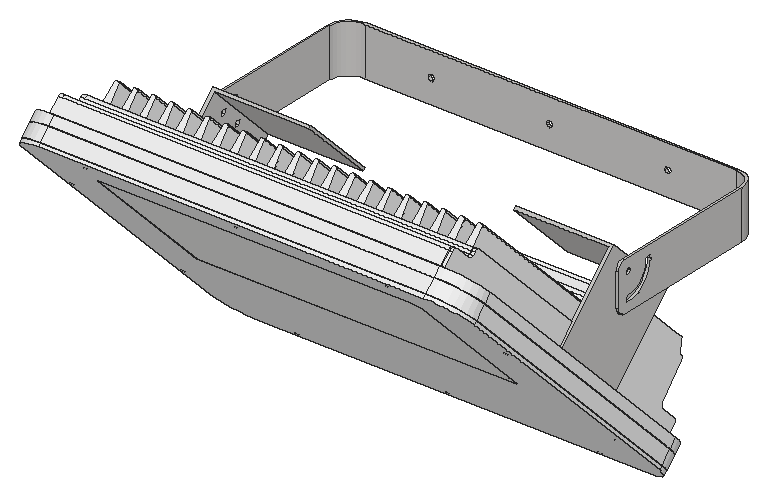
Revit family "FT ATEX LED MAX_2021", category Luminarias, Revit 2021 (continued)
Types (12, lengths in mm): name | Wattage | Power | Position | Archivo de red fotométrica | built-in parameter 1150142 | Modules | Lumens | built-in parameter 1150105 | built-in parameter 1150106 | Equiv MH
    797.56\t2900.16\r\n3003.9\t3111.06\t3229.905\t3352.17\t3492.105\t3648.285\t3843.795\t4077.495\t4369.905\t4718.46\r\n5109.195\t5528.43\t5947.95\t6384.57\t6797.535\t7106.475\t7194.825\t6975.375\t6385.71\t5385.645\r\n4099.155\t2859.69\t1977.615\t1386.81\t1036.26\t782.895\t0\t0\t0\t0\r\n0\t0\t0\t0\t0\t0\t0\t0\t0\t0\r\n0\t0\t0\t0\t0\t0\t0\t0\t0\t0\r\n0\t0\t0\t0\t0\t0\t0\t0\t0\t0\r\n0\t0\t0\t0\t0\t0\t0\t0\t0\t0\r\n0\r\n2121.255\t2122.68\t2132.085\t2142.915\t2163.72\t2179.68\t2200.77\t2216.16\t2234.115\t2252.07\r\n2271.735\t2295.39\t2324.745\t2371.2\t2429.055\t2507.715\t2596.065\t2690.685\t2785.59\t2885.625\r\n2988.795\t3099.945\t3221.925\t3346.755\t3484.41\t3638.88\t3829.545\t4060.395\t4348.815\t4687.68\r\n5080.41\t5503.35\t5926.005\t6355.785\t6772.74\t7058.88\t7140.96\t6928.92\t6351.795\t5372.535\r\n4116.255\t2897.025\t2009.25\t1426.14\t1047.66\t786.885\t0\t0\t0\t0\r\n0\t0\t0\t0\t0\t0\t0\t0\t0\t0\r\n0\t0\t0\t0\t0\t0\t0\t0\t0\t0\r\n0\t0\t0\t0\t0\t0\t0\t0\t0\t0\r\n0\t0\t0\t0\t0\t0\t0\t0\t0\t0\r\n0\r\n2122.68\t2120.685\t2131.515\t2138.07\t2162.01\t2176.26\t2198.205\t2212.17\t2228.7\t2250.645\r\n2264.61\t2291.97\t2315.91\t2364.075\t2420.79\t2496.315\t2584.665\t2674.155\t2773.62\t2870.805\r\n2973.405\t3089.115\t3213.66\t3341.34\t3476.715\t3629.76\t3815.295\t4043.58\t4327.44\t4657.185\r\n5051.34\t5478.27\t5904.06\t6326.715\t6748.23\t7011.57\t7086.81\t6882.465\t6318.165\t5359.425\r\n4133.07\t2934.075\t2040.885\t1465.47\t1059.06\t790.59\t0\t0\t0\t0\r\n0\t0\t0\t0\t0\t0\t0\t0\t0\t0\r\n0\t0\t0\t0\t0\t0\t0\t0\t0\t0\r\n0\t0\t0\t0\t0\t0\t0\t0\t0\t0\r\n0\t0\t0\t0\t0\t0\t0\t0\t0\t0\r\n0\r\n2123.25\t2120.685\t2128.665\t2137.5\t2158.305\t2176.83\t2193.645\t2210.745\t2224.995\t2243.52\r\n2260.905\t2283.135\t2311.065\t2355.24\t2415.375\t2492.325\t2581.815\t2673.585\t2768.775\t2867.955\r\n2969.7\t3081.99\t3203.115\t3330.51\t3463.605\t3610.95\t3793.92\t4016.22\t4300.08\t4638.09\r\n5036.52\t5464.59\t5894.37\t6327.285\t6739.68\t7005.87\t7070.85\t6861.375\t6292.8\t5346.315\r\n4156.44\t3006.18\t2138.07\t1516.2\t1068.465\t797.715\t0\t0\t0\t0\r\n0\t0\t0\t0\t0\t0\t0\t0\t0\t0\r\n0\t0\t0\t0\t0\t0\t0\t0\t0\t0\r\n0\t0\t0\t0\t0\t0\t0\t0\t0\t0\r\n0\t0\t0\t0\t0\t0\t0\t0\t0\t0\r\n0\r\n2123.82\t2120.685\t2126.1\t2136.93\t2154.315\t2177.4\t2189.37\t2209.035\t2221.005\t2236.395\r\n2257.2\t2274.585\t2306.22\t2346.69\t2409.96\t2488.62\t2579.25\t2673.015\t2763.645\t2865.39\r\n2965.71\t3074.865\t3192.855\t3319.68\t3450.495\t3592.425\t3772.83\t3988.86\t4272.72\t4618.995\r\n5021.985\t5450.91\t5884.68\t6327.855\t6730.845\t7000.455\t7055.175\t6840\t6267.72\t5333.205\r\n4180.095\t3078.285\t2235.255\t1566.93\t1077.87\t804.84\t0\t0\t0\t0\r\n0\t0\t0\t0\t0\t0\t0\t0\t0\t0\r\n0\t0\t0\t0\t0\t0\t0\t0\t0\t0\r\n0\t0\t0\t0\t0\t0\t0\t0\t0\t0\r\n0\t0\t0\t0\t0\t0\t0\t0\t0\t0\r\n0\r\n2134.365\t2130.945\t2137.5\t2148.33\t2168.565\t2188.23\t2203.05\t2220.435\t2234.685\t2252.07\r\n2268.03\t2283.135\t2321.61\t2367.495\t2433.9\t2515.98\t2609.745\t2699.235\t2795.28\t2895.885\r\n3003.33\t3121.89\t3239.88\t3368.13\t3504.645\t3658.545\t3845.22\t4080.63\t4374.465\t4733.565\r\n5151.375\t5571.18\t6038.58\t6489.45\t6896.145\t7142.385\t7170.315\t6927.495\t6305.625\t5296.44\r\n4063.245\t2931.225\t2120.685\t1491.12\t1052.22\t801.99\t0\t0\t0\t0\r\n0\t0\t0\t0\t0\t0\t0\t0\t0\t0\r\n0\t0\t0\t0\t0\t0\t0\t0\t0\t0\r\n0\t0\t0\t0\t0\t0\t0\t0\t0\t0\r\n0\t0\t0\t0\t0\t0\t0\t0\t0\t0\r\n0\r\n2144.625\t2141.205\t2148.9\t2160.015\t2182.815\t2199.06\t2216.73\t2231.835\t2248.365\t2268.03\r\n2278.86\t2291.97\t2336.715\t2388.015\t2458.125\t2543.055\t2640.24\t2725.455\t2827.2\t2926.38\r\n3040.95\t3168.915\t3286.905\t3416.865\t3558.795\t3724.665\t3917.895\t4172.4\t4475.925\t4848.135\r\n5280.765\t5691.165\t6192.48\t6651.045\t7061.73\t7284.315\t7285.455\t7014.705\t6343.245\t5259.96\r\n3946.395\t2784.45\t2005.83\t1415.31\t1026.57\t799.425\t0\t0\t0\t0\r\n0\t0\t0\t0\t0\t0\t0\t0\t0\t0\r\n0\t0\t0\t0\t0\t0\t0\t0\t0\t0\r\n0\t0\t0\t0\t0\t0\t0\t0\t0\t0\r\n0\t0\t0\t0\t0\t0\t0\t0\t0\t0\r\n0\r\n2137.5\t2135.22\t2139.78\t2152.32\t2170.845\t2189.37\t2204.76\t2221.005\t2236.965\t2254.92\r\n2269.17\t2284.845\t2322.465\t2372.34\t2443.875\t2529.945\t2626.275\t2718.33\t2816.655\t2918.685\r\n3028.98\t3150.39\t3268.665\t3392.07\t3535.14\t3697.875\t3889.11\t4133.64\t4436.025\t4803.96\r\n5228.325\t5654.115\t6127.5\t6601.455\t7012.425\t7258.095\t7279.47\t7018.41\t6362.91\t5287.32\r\n3982.875\t2821.5\t2014.665\t1395.645\t1007.19\t776.34\t0\t0\t0\t0\r\n0\t0\t0\t0\t0\t0\t0\t0\t0\t0\r\n0\t0\t0\t0\t0\t0\t0\t0\t0\t0\r\n0\t0\t0\t0\t0\t0\t0\t0\t0\t0\r\n0\t0\t0\t0\t0\t0\t0\t0\t0\t0\r\n0\r\n2130.375\t2129.235\t2130.375\t2144.625\t2158.875\t2179.68\t2192.505\t2210.175\t2225.28\t2241.81\r\n2259.195\t2277.72\t2308.5\t2356.38\t2429.625\t2516.835\t2612.025\t2711.205\t2806.395\t2911.275\r\n3017.01\t3131.865\t3250.71\t3367.56\t3511.77\t3671.085\t3860.04\t4094.88\t4396.125\t4759.785\r\n5175.885\t5617.065\t6062.52\t6551.865\t6963.405\t7231.875\t7273.485\t7022.4\t6382.575\t5314.68\r\n4019.355\t2858.835\t2023.5\t1375.98\t988.095\t753.54\t0\t0\t0\t0\r\n0\t0\t0\t0\t0\t0\t0\t0\t0\t0\r\n0\t0\t0\t0\t0\t0\t0\t0\t0\t0\r\n0\t0\t0\t0\t0\t0\t0\t0\t0\t0\r\n0\t0\t0\t0\t0\t0\t0\t0\t0\t0\r\n0\r\n2127.24\t2123.82\t2126.67\t2137.5\t2153.46\t2171.415\t2187.09\t2203.05\t2216.73\t2234.115\r\n2248.365\t2268.6\t2298.525\t2347.26\t2420.22\t2504.865\t2603.19\t2700.945\t2799.27\t2902.44\r\n3005.61\t3119.61\t3233.895\t3358.44\t3498.09\t3656.835\t3844.65\t4082.34\t4371.045\t4723.305\r\n5135.985\t5567.76\t6014.07\t6491.16\t6912.105\t7205.37\t7272.915\t7055.745\t6430.455\t5378.52\r\n4066.38\t2846.295\t1969.35\t1356.315\t986.67\t750.69\t0\t0\t0\t0\r\n0\t0\t0\t0\t0\t0\t0\t0\t0\t0\r\n0\t0\t0\t0\t0\t0\t0\t0\t0\t0\r\n0\t0\t0\t0\t0\t0\t0\t0\t0\t0\r\n0\t0\t0\t0\t0\t0\t0\t0\t0\t0\r\n0\r\n2123.82\t2118.405\t2122.68\t2130.375\t2147.76\t2163.15\t2181.675\t2195.925\t2207.895\t2226.42\r\n2237.535\t2259.195\t2288.835\t2337.855\t2411.1\t2492.895\t2594.355\t2690.685\t2792.145\t2893.605\r\n2994.21\t3107.64\t3216.795\t3349.035\t3484.41\t3642.87\t3829.545\t4069.8\t4345.965\t4686.54\r\n5096.085\t5518.74\t5965.335\t6430.455\t6860.805\t7178.58\t7272.345\t7089.09\t6478.62\t5442.36\r\n4113.405\t2833.755\t1915.2\t1336.65\t984.96\t748.125\t0\t0\t0\t0\r\n0\t0\t0\t0\t0\t0\t0\t0\t0\t0\r\n0\t0\t0\t0\t0\t0\t0\t0\t0\t0\r\n0\t0\t0\t0\t0\t0\t0\t0\t0\t0\r\n0\t0\t0\t0\t0\t0\t0\t0\t0\t0\r\n0\r\n2121.255\t2116.695\t2120.115\t2128.095\t2144.625\t2159.445\t2177.97\t2190.51\t2201.91\t2219.295\r\n2232.405\t2254.35\t2283.135\t2334.15\t2405.115\t2488.62\t2587.515\t2686.125\t2788.725\t2888.19\r\n2989.65\t3101.655\t3214.8\t3343.05\t3477.285\t3635.745\t3816.435\t4045.575\t4323.165\t4656.615\r\n5061.315\t5486.535\t5922.87\t6376.02\t6810.93\t7141.815\t7248.975\t7085.1\t6492.87\t5444.925\r\n4101.435\t2805.825\t1897.815\t1333.8\t988.665\t754.965\t0\t0\t0\t0\r\n0\t0\t0\t0\t0\t0\t0\t0\t0\t0\r\n0\t0\t0\t0\t0\t0\t0\t0\t0\t0\r\n0\t0\t0\t0\t0\t0\t0\t0\t0\t0\r\n0\t0\t0\t0\t0\t0\t0\t0\t0\t0\r\n0\r\n2118.405\t2114.985\t2117.265\t2126.1\t2141.205\t2155.455\t2173.98\t2185.095\t2195.925\t2212.17\r\n2227.56\t2249.505\t2277.72\t2330.16\t2399.13\t2484.06\t2580.39\t2681.85\t2785.59\t2882.775\r\n2985.375\t3095.67\t3212.52\t3337.065\t3470.16\t3628.62\t3803.325\t4021.635\t4300.08\t4626.69\r\n5026.26\t5454.33\t5880.12\t6321.3\t6761.34\t7105.335\t7225.32\t7081.395\t6506.835\t5447.775\r\n4089.465\t2777.895\t1880.43\t1330.95\t992.655\t762.09\t0\t0\t0\t0\r\n0\t0\t0\t0\t0\t0\t0\t0\t0\t0\r\n0\t0\t0\t0\t0\t0\t0\t0\t0\t0\r\n0\t0\t0\t0\t0\t0\t0\t0\t0\t0\r\n0\t0\t0\t0\t0\t0\t0\t0\t0\t0\r\n0\r\n2118.975\t2114.985\t2116.125\t2125.53\t2137.5\t2153.46\t2170.275\t2180.535\t2193.075\t2206.755\r\n2223.285\t2244.375\t2275.725\t2324.745\t2396.85\t2483.205\t2577.54\t2682.99\t2785.02\t2886.48\r\n2985.375\t3092.82\t3209.67\t3331.65\t3471.3\t3622.635\t3801.615\t4018.5\t4291.245\t4619.565\r\n5013.15\t5440.65\t5850.765\t6280.26\t6706.905\t7060.02\t7199.67\t7074.27\t6525.93\t5482.26\r\n4111.695\t2775.615\t1870.455\t1327.245\t989.235\t763.23\t0\t0\t0\t0\r\n0\t0\t0\t0\t0\t0\t0\t0\t0\t0\r\n0\t0\t0\t0\t0\t0\t0\t0\t0\t0\r\n0\t0\t0\t0\t0\t0\t0\t0\t0\t0\r\n0\t0\t0\t0\t0\t0\t0\t0\t0\t0\r\n0\r\n2119.545\t2114.985\t2114.985\t2124.96\t2133.795\t2151.18\t2166.57\t2176.26\t2190.51\t2201.34\r\n2218.725\t2239.53\t2273.445\t2319.33\t2394.57\t2482.065\t2574.69\t2684.13\t2784.45\t2890.47\r\n2985.375\t3090.255\t3207.105\t3325.95\t3472.44\t3616.65\t3799.905\t4015.08\t4282.695\t4612.44\r\n5000.04\t5426.97\t5821.125\t6239.505\t6652.185\t7014.705\t7174.02\t7067.145\t6545.31\t5516.46\r\n4134.21\t2773.62\t1860.765\t1323.54\t986.1\t764.37\t0\t0\t0\t0\r\n0\t0\t0\t0\t0\t0\t0\t0\t0\t0\r\n0\t0\t0\t0\t0\t0\t0\t0\t0\t0\r\n0\t0\t0\t0\t0\t0\t0\t0\t0\t0\r\n0\t0\t0\t0\t0\t0\t0\t0\t0\t0\r\n0\r\n2122.68\t2114.7\t2117.835\t2124.96\t2135.22\t2150.04\t2165.43\t2176.26\t2187.09\t2200.77\r\n2214.45\t2236.965\t2267.46\t2313.345\t2388.015\t2473.23\t2569.845\t2674.725\t2781.315\t2890.47\r\n2992.5\t3100.515\t3210.81\t3331.08\t3464.175\t3611.52\t3787.365\t4004.25\t4272.72\t4597.05\r\n4981.515\t5390.49\t5780.94\t6178.8\t6582.36\t6946.02\t7120.155\t7034.94\t6545.595\t5536.695\r\n4154.445\t2784.45\t1862.76\t1320.69\t987.24\t764.37\t0\t0\t0\t0\r\n0\t0\t0\t0\t0\t0\t0\t0\t0\t0\r\n0\t0\t0\t0\t0\t0\t0\t0\t0\t0\r\n0\t0\t0\t0\t0\t0\t0\t0\t0\t0\r\n0\t0\t0\t0\t0\t0\t0\t0\t0\t0\r\n0\r\n2126.1\t2114.13\t2120.685\t2124.96\t2136.93\t2148.9\t2164.29\t2176.26\t2183.955\t2200.2\r\n2210.175\t2234.115\t2261.475\t2307.36\t2381.46\t2464.68\t2565\t2665.32\t2777.895\t2890.47\r\n2999.625\t3111.06\t3214.8\t3335.925\t3455.91\t3606.675\t3774.825\t3993.135\t4263.03\t4581.945\r\n4962.99\t5353.725\t5740.47\t6118.095\t6512.535\t6877.05\t7066.005\t7002.735\t6546.165\t5556.93\r\n4174.68\t2795.28\t1865.04\t1318.125\t988.095\t764.37\t0\t0\t0\t0\r\n0\t0\t0\t0\t0\t0\t0\t0\t0\t0\r\n0\t0\t0\t0\t0\t0\t0\t0\t0\t0\r\n0\t0\t0\t0\t0\t0\t0\t0\t0\t0\r\n0\t0\t0\t0\t0\t0\t0\t0\t0\t0\r\n0\r\n2125.53\t2113.56\t2119.545\t2124.39\t2136.36\t2147.76\t2161.44\t2173.41\t2182.815\t2198.775\r\n2209.605\t2231.55\t2258.055\t2303.37\t2375.475\t2458.98\t2560.725\t2662.185\t2776.185\t2889.9\r\n2999.625\t3111.06\t3217.365\t3336.495\t3458.76\t3608.955\t3780.24\t3998.265\t4261.89\t4582.515\r\n4954.725\t5342.325\t5734.485\t6111.54\t6499.425\t6846.555\t7034.37\t6971.67\t6519.375\t5535.555\r\n4168.41\t2802.405\t1869.315\t1326.675\t996.36\t772.065\t0\t0\t0\t0\r\n0\t0\t0\t0\t0\t0\t0\t0\t0\t0\r\n0\t0\t0\t0\t0\t0\t0\t0\t0\t0\r\n0\t0\t0\t0\t0\t0\t0\t0\t0\t0\r\n0\t0\t0\t0\t0\t0\t0\t0\t0\t0\r\n0\r\n2124.96\t2112.99\t2118.405\t2123.82\t2135.79\t2146.905\t2158.875\t2170.845\t2181.675\t2197.065\r\n2209.035\t2228.7\t2254.92\t2299.665\t2369.49\t2453.565\t2556.165\t2659.05\t2774.76\t2889.33\r\n2999.625\t3111.06\t3220.215\t3337.065\t3461.61\t3610.95\t3785.94\t4003.11\t4260.75\t4582.8\r\n4946.46\t5330.925\t5728.5\t6104.985\t6486.315\t6816.06\t7002.735\t6940.32\t6492.87\t5514.465\r\n4162.425\t2809.53\t1873.875\t1335.51\t1004.625\t779.76\t0\t0\t0\t0\r\n0\t0\t0\t0\t0\t0\t0\t0\t0\t0\r\n0\t0\t0\t0\t0\t0\t0\t0\t0\t0\r\n0\t0\t0\t0\t0\t0\t0\t0\t0\t0\r\n0\t0\t0\t0\t0\t0\t0\t0\t0\t0\r\n0\r\n2122.68\t2112.99\t2116.125\t2122.68\t2135.79\t2144.625\t2158.305\t2170.275\t2182.245\t2195.925\r\n2206.755\t2226.99\t2253.21\t2298.525\t2364.075\t2450.43\t2549.04\t2649.645\t2762.505\t2874.51\r\n2989.65\t3099.09\t3211.38\t3322.815\t3449.925\t3601.26\t3775.965\t3992.28\t4245.93\t4560.57\r\n4925.94\t5320.095\t5723.94\t6119.805\t6519.09\t6850.26\t7008.15\t6906.69\t6435.3\t5454.33\r\n4121.67\t2802.975\t1884.135\t1350.33\t1017.165\t790.59\t0\t0\t0\t0\r\n0\t0\t0\t0\t0\t0\t0\t0\t0\t0\r\n0\t0\t0\t0\t0\t0\t0\t0\t0\t0\r\n0\t0\t0\t0\t0\t0\t0\t0\t0\t0\r\n0\t0\t0\t0\t0\t0\t0\t0\t0\t0\r\n0\r\n2120.685\t2112.99\t2114.13\t2121.54\t2135.79\t2142.345\t2157.735\t2169.705\t2182.815\t2194.785\r\n2204.76\t2225.28\t2251.5\t2297.385\t2358.66\t2447.01\t2542.2\t2640.24\t2750.535\t2859.69\r\n2979.96\t3086.835\t3202.83\t3308.565\t3438.525\t3591.57\t3766.275\t3981.165\t4231.395\t4538.055\r\n4905.135\t5308.98\t5719.665\t6134.625\t6551.865\t6884.745\t7013.565\t6872.775\t6378.015\t5394.195\r\n4080.63\t2796.42\t1894.68\t1364.865\t1029.705\t801.42\t0\t0\t0\t0\r\n0\t0\t0\t0\t0\t0\t0\t0\t0\t0\r\n0\t0\t0\t0\t0\t0\t0\t0\t0\t0\r\n0\t0\t0\t0\t0\t0\t0\t0\t0\t0\r\n0\t0\t0\t0\t0\t0\t0\t0\t0\t0\r\n0\r\n2119.545\t2113.56\t2113.56\t2121.54\t2133.795\t2142.915\t2157.735\t2169.135\t2182.245\t2193.075\r\n2205.33\t2223.285\t2251.5\t2298.525\t2363.505\t2450.43\t2544.195\t2647.935\t2755.095\t2861.97\r\n2977.11\t3083.13\t3199.98\t3311.985\t3445.08\t3594.135\t3769.41\t3975.18\t4224.84\t4525.515\r\n4884.33\t5283.9\t5690.595\t6115.53\t6534.195\t6864.51\t6985.635\t6797.82\t6253.755\t5263.095\r\n4001.4\t2775.33\t1895.535\t1368.855\t1033.41\t803.7\t0\t0\t0\t0\r\n0\t0\t0\t0\t0\t0\t0\t0\t0\t0\r\n0\t0\t0\t0\t0\t0\t0\t0\t0\t0\r\n0\t0\t0\t0\t0\t0\t0\t0\t0\t0\r\n0\t0\t0\t0\t0\t0\t0\t0\t0\t0\r\n0\r\n2118.405\t2114.13\t2112.99\t2121.54\t2131.515\t2143.485\t2157.735\t2168.565\t2181.675\t2191.65\r\n2205.615\t2221.005\t2251.5\t2299.665\t2368.35\t2453.565\t2546.475\t2655.63\t2759.37\t2864.25\r\n2974.545\t3079.425\t3197.13\t3315.12\t3451.635\t3596.985\t3772.83\t3969.195\t4218.285\t4512.975\r\n4863.525\t5258.82\t5661.81\t6096.435\t6516.81\t6844.275\t6957.99\t6723.15\t6129.21\t5132.28\r\n3922.17\t2753.955\t1896.675\t1372.56\t1037.4\t805.98\t0\t0\t0\t0\r\n0\t0\t0\t0\t0\t0\t0\t0\t0\t0\r\n0\t0\t0\t0\t0\t0\t0\t0\t0\t0\r\n0\t0\t0\t0\t0\t0\t0\t0\t0\t0\r\n0\t0\t0\t0\t0\t0\t0\t0\t0\t0\r\n0\r\n2120.115\t2113.56\t2114.13\t2121.54\t2130.945\t2144.625\t2156.025\t2170.275\t2180.535\t2191.08\r\n2205.33\t2221.575\t2253.78\t2299.665\t2368.35\t2451.855\t2548.755\t2657.34\t2759.37\t2864.82\r\n2976.54\t3085.41\t3199.98\t3321.105\t3458.19\t3604.965\t3780.81\t3978.03\t4221.42\t4514.685\r\n4862.385\t5251.695\t5650.98\t6070.785\t6481.185\t6828.6\t6947.445\t6701.775\t6080.475\t5081.55\r\n3889.965\t2732.01\t1886.985\t1363.44\t1026.57\t796.005\t0\t0\t0\t0\r\n0\t0\t0\t0\t0\t0\t0\t0\t0\t0\r\n0\t0\t0\t0\t0\t0\t0\t0\t0\t0\r\n0\t0\t0\t0\t0\t0\t0\t0\t0\t0\r\n0\t0\t0\t0\t0\t0\t0\t0\t0\t0\r\n0\r\n2121.54\t2112.99\t2114.985\t2121.54\t2130.375\t2145.765\t2154.315\t2171.985\t2179.68\t2190.51\r\n2204.76\t2222.145\t2256.06\t2299.665\t2368.35\t2450.43\t2550.75\t2659.05\t2759.37\t2865.39\r\n2978.82\t3091.395\t3202.83\t3327.09\t3464.745\t3613.23\t3789.075\t3986.865\t4224.84\t4516.395\r\n4861.245\t5244.57\t5639.865\t6045.135\t6445.845\t6812.64\t6937.185\t6680.685\t6032.025\t5030.535\r\n3857.76\t2710.35\t1877.01\t1354.035\t1015.455\t786.315\t0\t0\t0\t0\r\n0\t0\t0\t0\t0\t0\t0\t0\t0\t0\r\n0\t0\t0\t0\t0\t0\t0\t0\t0\t0\r\n0\t0\t0\t0\t0\t0\t0\t0\t0\t0\r\n0\t0\t0\t0\t0\t0\t0\t0\t0\t0\r\n0\r\n2121.54\t2113.56\t2114.7\t2121.54\t2130.945\t2145.765\t2153.745\t2173.125\t2181.675\t2194.215\r\n2207.325\t2225.28\t2259.765\t2305.65\t2374.905\t2458.125\t2560.155\t2665.035\t2766.495\t2874.51\r\n2985.945\t3100.515\t3211.95\t3335.925\t3469.02\t3622.635\t3795.06\t4000.83\t4247.07\t4547.46\r\n4904.565\t5290.455\t5694.015\t6109.545\t6522.795\t6882.465\t6995.04\t6733.98\t6077.91\t5067.3\r\n3862.89\t2688.405\t1850.22\t1333.23\t997.5\t769.785\t0\t0\t0\t0\r\n0\t0\t0\t0\t0\t0\t0\t0\t0\t0\r\n0\t0\t0\t0\t0\t0\t0\t0\t0\t0\r\n0\t0\t0\t0\t0\t0\t0\t0\t0\t0\r\n0\t0\t0\t0\t0\t0\t0\t0\t0\t0\r\n0\r\n2121.54\t2114.13\t2114.13\t2121.54\t2131.515\t2145.765\t2153.46\t2173.98\t2183.955\t2198.205\r\n2210.175\t2228.7\t2263.755\t2311.635\t2381.46\t2465.535\t2569.275\t2671.02\t2773.62\t2883.915\r\n2993.07\t3109.92\t3221.355\t3344.76\t3473.58\t3631.755\t3801.045\t4015.08\t4269.585\t4578.525\r\n4947.6\t5336.34\t5748.165\t6173.955\t6599.745\t6952.575\t7052.895\t6787.56\t6123.795\t5103.78\r\n3867.735\t2666.46\t1823.43\t1312.425\t979.545\t753.54\t0\t0\t0\t0\r\n0\t0\t0\t0\t0\t0\t0\t0\t0\t0\r\n0\t0\t0\t0\t0\t0\t0\t0\t0\t0\r\n0\t0\t0\t0\t0\t0\t0\t0\t0\t0\r\n0\t0\t0\t0\t0\t0\t0\t0\t0\t0\r\n0\r\n2121.255\t2114.7\t2114.985\t2122.11\t2132.085\t2146.335\t2156.595\t2173.98\t2184.525\t2200.2\r\n2212.17\t2231.835\t2263.755\t2310.495\t2380.035\t2464.965\t2569.845\t2671.02\t2778.465\t2887.05\r\n3001.905\t3118.185\t3230.475\t3356.73\t3488.685\t3647.145\t3820.14\t4039.02\t4295.805\t4616.145\r\n4988.07\t5381.085\t5790.63\t6219.27\t6652.185\t7005.3\t7127.28\t6891.87\t6253.755\t5206.95\r\n3915.33\t2668.17\t1811.46\t1296.18\t965.865\t742.425\t0\t0\t0\t0\r\n0\t0\t0\t0\t0\t0\t0\t0\t0\t0\r\n0\t0\t0\t0\t0\t0\t0\t0\t0\t0\r\n0\t0\t0\t0\t0\t0\t0\t0\t0\t0\r\n0\t0\t0\t0\t0\t0\t0\t0\t0\t0\r\n0\r\n2120.685\t2114.985\t2116.125\t2122.68\t2132.655\t2146.905\t2160.015\t2173.98\t2185.095\t2202.48\r\n2214.45\t2235.255\t2263.755\t2309.355\t2378.325\t2464.68\t2570.415\t2671.02\t2783.31\t2890.47\r\n3010.455\t3126.165\t3239.88\t3368.7\t3504.075\t3662.535\t3839.235\t4063.245\t4322.025\t4654.05\r\n5028.54\t5425.83\t5833.095\t6264.585\t6704.625\t7058.31\t7201.38\t6996.18\t6383.43\t5310.12\r\n3962.64\t2669.88\t1799.49\t1279.65\t952.185\t731.595\t0\t0\t0\t0\r\n0\t0\t0\t0\t0\t0\t0\t0\t0\t0\r\n0\t0\t0\t0\t0\t0\t0\t0\t0\t0\r\n0\t0\t0\t0\t0\t0\t0\t0\t0\t0\r\n0\t0\t0\t0\t0\t0\t0\t0\t0\t0\r\n0\r\n2120.685\t2116.125\t2117.265\t2124.96\t2133.795\t2150.04\t2160.3\t2175.12\t2187.09\t2204.19\r\n2218.725\t2237.82\t2268.03\t2311.065\t2382.03\t2470.665\t2575.26\t2681.28\t2791.575\t2905.005\r\n3021.57\t3136.14\t3245.865\t3374.115\t3508.92\t3662.82\t3839.805\t4058.685\t4332.285\t4669.725\r\n5051.91\t5459.745\t5874.705\t6299.925\t6711.18\t7045.77\t7230.45\t7081.965\t6505.98\t5429.25\r\n4041.87\t2694.96\t1795.785\t1269.96\t949.335\t729.315\t0\t0\t0\t0\r\n0\t0\t0\t0\t0\t0\t0\t0\t0\t0\r\n0\t0\t0\t0\t0\t0\t0\t0\t0\t0\r\n0\t0\t0\t0\t0\t0\t0\t0\t0\t0\r\n0\t0\t0\t0\t0\t0\t0\t0\t0\t0\r\n0\r\n2120.685\t2117.265\t2118.405\t2127.24\t2134.65\t2153.46\t2160.87\t2176.26\t2189.37\t2205.615\r\n2223.285\t2240.67\t2272.305\t2312.775\t2386.02\t2476.65\t2580.39\t2691.54\t2799.84\t2919.825\r\n3032.4\t3145.83\t3251.85\t3379.53\t3514.05\t3663.39\t3840.375\t4054.41\t4342.83\t4685.685\r\n5075.28\t5493.66\t5916.315\t6335.55\t6717.735\t7033.23\t7259.235\t7167.465\t6628.245\t5548.095\r\n4121.1\t2720.04\t1791.795\t1259.985\t946.77\t727.32\t0\t0\t0\t0\r\n0\t0\t0\t0\t0\t0\t0\t0\t0\t0\r\n0\t0\t0\t0\t0\t0\t0\t0\t0\t0\r\n0\t0\t0\t0\t0\t0\t0\t0\t0\t0\r\n0\t0\t0\t0\t0\t0\t0\t0\t0\t0\r\n0\r\n2119.545\t2117.835\t2118.405\t2128.665\t2137.5\t2155.455\t2166.855\t2179.965\t2194.215\t2207.895\r\n2226.42\t2244.375\t2275.725\t2321.04\t2391.435\t2485.2\t2586.375\t2698.095\t2806.965\t2924.385\r\n3036.675\t3147.54\t3254.985\t3375.825\t3514.335\t3668.52\t3848.07\t4067.52\t4358.505\t4707.345\r\n5102.64\t5527.575\t5952.225\t6364.05\t6747.66\t7090.515\t7331.91\t7238.145\t6706.905\t5622.48\r\n4168.98\t2731.44\t1782.675\t1249.155\t940.215\t725.61\t0\t0\t0\t0\r\n0\t0\t0\t0\t0\t0\t0\t0\t0\t0\r\n0\t0\t0\t0\t0\t0\t0\t0\t0\t0\r\n0\t0\t0\t0\t0\t0\t0\t0\t0\t0\r\n0\t0\t0\t0\t0\t0\t0\t0\t0\t0\r\n0\r\n2118.405\t2118.405\t2118.405\t2130.375\t2140.35\t2157.735\t2173.125\t2183.955\t2199.06\t2210.175\r\n2229.84\t2248.365\t2278.86\t2329.02\t2396.85\t2494.035\t2592.36\t2704.65\t2814.09\t2928.66\r\n3040.95\t3149.25\t3258.405\t3371.835\t3514.905\t3673.365\t3855.765\t4080.63\t4374.465\t4729.29\r\n5130\t5561.205\t5988.135\t6392.265\t6777.87\t7147.8\t7404.585\t7308.54\t6785.28\t5696.865\r\n4217.145\t2743.125\t1773.27\t1238.325\t933.66\t723.9\t0\t0\t0\t0\r\n0\t0\t0\t0\t0\t0\t0\t0\t0\t0\r\n0\t0\t0\t0\t0\t0\t0\t0\t0\t0\r\n0\t0\t0\t0\t0\t0\t0\t0\t0\t0\r\n0\t0\t0\t0\t0\t0\t0\t0\t0\t0\r\n0\r\n2120.685\t2118.405\t2121.255\t2132.085\t2144.625\t2163.15\t2176.83\t2189.37\t2202.48\t2214.45
    \r\n2231.55\t2249.505\t2282.28\t2330.73\t2403.975\t2497.17\t2599.485\t2710.635\t2818.935\t2929.23\r\n3038.955\t3149.25\t3261.54\t3378.39\t3520.89\t3677.07\t3862.89\t4088.895\t4384.725\t4741.26\r\n5145.39\t5581.44\t6016.635\t6437.58\t6857.385\t7251.255\t7476.69\t7370.1\t6850.26\t5742.18\r\n4240.515\t2736.855\t1757.595\t1219.23\t915.135\t709.365\t0\t0\t0\t0\r\n0\t0\t0\t0\t0\t0\t0\t0\t0\t0\r\n0\t0\t0\t0\t0\t0\t0\t0\t0\t0\r\n0\t0\t0\t0\t0\t0\t0\t0\t0\t0\r\n0\t0\t0\t0\t0\t0\t0\t0\t0\t0\r\n0\r\n2122.68\t2118.405\t2123.82\t2133.795\t2148.9\t2168.565\t2180.535\t2194.785\t2205.615\t2218.725\r\n2232.975\t2250.645\t2285.415\t2332.44\t2411.1\t2500.59\t2606.61\t2716.905\t2823.78\t2929.8\r\n3036.675\t3149.25\t3264.96\t3384.945\t3526.875\t3681.06\t3870.015\t4096.875\t4394.985\t4753.23\r\n5160.495\t5601.675\t6045.135\t6482.895\t6937.185\t7354.425\t7548.795\t7431.945\t6915.24\t5787.495\r\n4264.17\t2730.87\t1741.635\t1200.135\t896.61\t694.545\t0\t0\t0\t0\r\n0\t0\t0\t0\t0\t0\t0\t0\t0\t0\r\n0\t0\t0\t0\t0\t0\t0\t0\t0\t0\r\n0\t0\t0\t0\t0\t0\t0\t0\t0\t0\r\n0\t0\t0\t0\t0\t0\t0\t0\t0\t0\r\n0\r\n2121.255\t2120.685\t2124.96\t2135.22\t2152.32\t2169.705\t2185.95\t2198.205\t2211.885\t2225.85\r\n2242.38\t2263.185\t2295.39\t2344.98\t2417.655\t2508.855\t2610.885\t2717.19\t2823.21\t2924.385\r\n3034.965\t3150.39\t3267.24\t3393.21\t3537.42\t3693.03\t3877.425\t4107.99\t4399.545\t4760.355\r\n5170.47\t5619.06\t6063.66\t6515.67\t6995.04\t7430.235\t7621.185\t7479.255\t6930.06\t5778.66\r\n4241.655\t2699.805\t1719.69\t1186.455\t886.635\t687.99\t0\t0\t0\t0\r\n0\t0\t0\t0\t0\t0\t0\t0\t0\t0\r\n0\t0\t0\t0\t0\t0\t0\t0\t0\t0\r\n0\t0\t0\t0\t0\t0\t0\t0\t0\t0\r\n0\t0\t0\t0\t0\t0\t0\t0\t0\t0\r\n0\r\n2119.545\t2122.68\t2126.1\t2136.93\t2155.455\t2170.845\t2191.65\t2201.34\t2217.87\t2232.975\r\n2251.5\t2275.725\t2305.08\t2357.52\t2424.21\t2516.835\t2615.16\t2717.76\t2822.64\t2918.685\r\n3033.54\t3151.245\t3269.235\t3401.475\t3547.68\t3705\t3885.12\t4118.82\t4403.82\t4767.48\r\n5180.16\t5636.73\t6082.185\t6548.445\t7052.895\t7506.045\t7693.86\t7526.85\t6944.88\t5769.825\r\n4219.425\t2668.74\t1698.03\t1172.775\t876.945\t681.435\t0\t0\t0\t0\r\n0\t0\t0\t0\t0\t0\t0\t0\t0\t0\r\n0\t0\t0\t0\t0\t0\t0\t0\t0\t0\r\n0\t0\t0\t0\t0\t0\t0\t0\t0\t0\r\n0\t0\t0\t0\t0\t0\t0\t0\t0\t0\r\n0\r\n2121.255\t2122.68\t2127.81\t2139.78\t2157.735\t2177.4\t2193.645\t2209.605\t2225.28\t2242.38\r\n2262.045\t2282.28\t2315.625\t2365.215\t2437.89\t2527.95\t2625.705\t2724.885\t2826.06\t2928.09\r\n3034.11\t3151.245\t3268.095\t3400.905\t3538.56\t3694.74\t3881.985\t4119.39\t4418.64\t4786.005\r\n5203.245\t5645.28\t6091.59\t6560.985\t7063.725\t7494.645\t7662.795\t7478.115\t6869.925\t5698.86\r\n4161\t2639.67\t1680.075\t1159.095\t868.68\t678.015\t0\t0\t0\t0\r\n0\t0\t0\t0\t0\t0\t0\t0\t0\t0\r\n0\t0\t0\t0\t0\t0\t0\t0\t0\t0\r\n0\t0\t0\t0\t0\t0\t0\t0\t0\t0\r\n0\t0\t0\t0\t0\t0\t0\t0\t0\t0\r\n0\r\n2122.68\t2122.68\t2129.235\t2142.345\t2160.015\t2183.955\t2195.925\t2217.87\t2232.975\t2251.5\r\n2272.305\t2288.835\t2325.885\t2372.91\t2451.57\t2538.78\t2635.965\t2732.01\t2829.195\t2937.495\r\n3034.68\t3151.245\t3267.24\t3400.335\t3529.155\t3684.195\t3878.565\t4119.96\t4433.46\t4804.53\r\n5226.045\t5654.115\t6100.71\t6573.525\t7074.84\t7483.245\t7631.73\t7429.665\t6795.255\t5627.895\r\n4102.575\t2610.885\t1661.835\t1145.415\t860.415\t674.88\t0\t0\t0\t0\r\n0\t0\t0\t0\t0\t0\t0\t0\t0\t0\r\n0\t0\t0\t0\t0\t0\t0\t0\t0\t0\r\n0\t0\t0\t0\t0\t0\t0\t0\t0\t0\r\n0\t0\t0\t0\t0\t0\t0\t0\t0\t0\r\n0\r\n2123.25\t2122.68\t2132.655\t2145.765\t2163.72\t2187.09\t2204.19\t2224.995\t2241.24\t2260.905\r\n2279.43\t2296.815\t2332.44\t2382.03\t2457.555\t2542.2\t2637.675\t2732.01\t2829.765\t2935.215\r\n3034.68\t3151.815\t3268.095\t3395.49\t3529.155\t3688.185\t3885.12\t4127.655\t4442.01\t4819.92\r\n5240.295\t5674.92\t6118.095\t6584.925\t7038.645\t7404.015\t7517.445\t7269.78\t6590.055\t5415.57\r\n3959.505\t2578.11\t1706.295\t1167.36\t865.26\t671.46\t0\t0\t0\t0\r\n0\t0\t0\t0\t0\t0\t0\t0\t0\t0\r\n0\t0\t0\t0\t0\t0\t0\t0\t0\t0\r\n0\t0\t0\t0\t0\t0\t0\t0\t0\t0\r\n0\t0\t0\t0\t0\t0\t0\t0\t0\t0\r\n0\r\n2123.82\t2122.68\t2135.79\t2148.9\t2167.425\t2190.51\t2212.17\t2231.835\t2249.505\t2270.31\r\n2286.555\t2305.08\t2338.995\t2391.435\t2463.54\t2545.335\t2639.385\t2732.01\t2830.335\t2932.935\r\n3034.68\t3152.385\t3269.235\t3390.645\t3529.155\t3691.89\t3891.675\t4135.35\t4450.845\t4835.31\r\n5254.545\t5695.725\t6135.765\t6596.61\t7002.735\t7324.785\t7403.445\t7109.61\t6384.57\t5203.245\r\n3816.435\t2545.335\t1750.47\t1189.02\t870.39\t668.325\t0\t0\t0\t0\r\n0\t0\t0\t0\t0\t0\t0\t0\t0\t0\r\n0\t0\t0\t0\t0\t0\t0\t0\t0\t0\r\n0\t0\t0\t0\t0\t0\t0\t0\t0\t0\r\n0\t0\t0\t0\t0\t0\t0\t0\t0\t0\r\n0\r\n2134.365\t2135.22\t2145.195\t2162.58\t2179.965\t2209.035\t2232.975\t2258.055\t2277.72\t2299.095\r\n2318.19\t2337.285\t2370.06\t2415.375\t2484.06\t2562.72\t2652.495\t2740.275\t2833.185\t2931.225\r\n3030.69\t3145.26\t3265.53\t3384.09\t3522.03\t3677.64\t3866.025\t4096.02\t4398.405\t4776.315\r\n5192.13\t5637.3\t6085.32\t6559.845\t7017.555\t7381.5\t7508.895\t7281.18\t6581.22\t5432.955\r\n4060.965\t2752.815\t1881.855\t1274.805\t916.56\t687.99\t0\t0\t0\t0\r\n0\t0\t0\t0\t0\t0\t0\t0\t0\t0\r\n0\t0\t0\t0\t0\t0\t0\t0\t0\t0\r\n0\t0\t0\t0\t0\t0\t0\t0\t0\t0\r\n0\t0\t0\t0\t0\t0\t0\t0\t0\t0\r\n0" | "8" | 26800 lm | 2132.7 (stored number, unit not read) | 21.327 (stored number, unit not read) | 400 W
